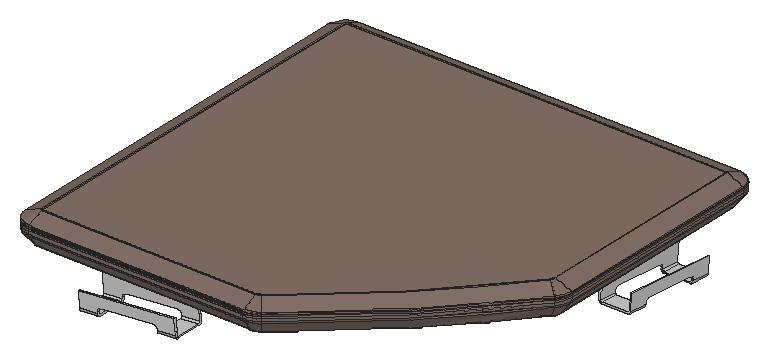
Revit family "Haworth_Atwell_Table_Corner", category Furniture, Revit 2018
Family settings
  OmniClass Number = 23.40.20.00
  OmniClass Title = General Furniture and Specialties
  Work Plane-Based = No
  Always vertical = Yes
  Cut with Voids When Loaded = No
  Shared = No
  Room Calculation Point = No
Parameters (values of type "HE900-AC - 34w")
  Warranty = "https://healthcare.haworth.com/bottom-navigation/product-info/warranty-info"
  Version = "0"  # constant formula
  URL - Product = "https://healthcare.haworth.com/home/seating/seating-tandem/atwell-seating-tandem"
  URL = "http://healthcare.haworth.com/home"
  Type Comments = "Attached Corner Bridge Table"
  Table Finish [instance] = Haworth _ Laminate _ Cafe H-H40
  Sustainability Info = "https://www.haworth.com/na/en/expertise/sustainability.html"
  Size = "Verify Final Dim. w/ Haworth"  # constant formula
  Model = "Haworth Atwell"  # constant formula
  Manufacturer = "Haworth"  # constant formula
  Leg Finish [instance] = Haworth _ Laminate _ Cafe H-H40
  Hardware Finish = Haworth _ Metal _ Brushed Aluminum
  Author = "SHAPE Environments, LLC"  # constant formula
  Assembly Code = "E2020200"
  Actual Width = 2' - 10"  # constant formula
  Actual Height = 1' - 5 1/2"  # constant formula
  Actual Depth = 2' - 10"  # constant formula
Reference planes
  plane 1 "Center Front/Back": y = 0
  plane 2: z = 0
  plane 3 "Center Left/Right": x = 0
  plane 4 "Top": z = 444.5
  plane 5 "Left": x = -431.8
  plane 6 "Right": x = 431.8
  plane 7 "Back": y = 431.8
  plane 8 "Front": y = -431.8
Forms (mm)
  Extrusion 1, solid, material "Haworth _ Laminate _ Cafe H-H40" <- "Table Finish"
    sketch origin (0, 0, 0) x (1, 0, 0) y (0, 1, 0)
      loop
        line (-395.285, 394.674) -> (-395.285, -394.674)
        arc (-395.285, -394.674) -> (-395.105, -395.108) -> (-394.67, -395.288) r 0.615
        line (-394.67, -395.288) -> (51.15, -395.288)
        arc (51.15, -395.288) -> (55.64, -394.537) -> (59.64, -392.365) r 13.789
        arc (59.64, -392.365) -> (236.164, -236.178) -> (392.354, -59.656) r 1931.832
        arc (392.354, -59.656) -> (394.534, -55.649) -> (395.289, -51.149) r 13.797
        line (395.289, -51.149) -> (395.285, 394.674)
        arc (395.285, 394.674) -> (395.105, 395.108) -> (394.67, 395.288) r 0.615
        line (394.67, 395.288) -> (-394.67, 395.288)
        arc (-394.67, 395.288) -> (-395.105, 395.108) -> (-395.285, 394.674) r 0.615
    from 410.577 to 434.975
  Sweep 2, solid, material "Haworth _ Laminate _ Cafe H-H40" <- "Leg Finish"
    path in 3D
      loop
        arc (-394.67, 395.288, 434.975) -> (-395.105, 395.108, 434.975) -> (-395.285, 394.674, 434.975) r 0.615
        line (-395.285, 394.674, 434.975) -> (-395.285, -394.674, 434.975)
        arc (-395.285, -394.674, 434.975) -> (-395.105, -395.108, 434.975) -> (-394.67, -395.288, 434.975) r 0.615
        line (-394.67, -395.288, 434.975) -> (51.15, -395.288, 434.975)
        arc (51.15, -395.288, 434.975) -> (55.64, -394.537, 434.975) -> (59.64, -392.365, 434.975) r 13.789
        arc (59.64, -392.365, 434.975) -> (236.164, -236.178, 434.975) -> (392.354, -59.656, 434.975) r 1931.832
        arc (392.354, -59.656, 434.975) -> (394.534, -55.649, 434.975) -> (395.289, -51.149, 434.975) r 13.797
        line (395.289, -51.149, 434.975) -> (395.289, 394.674, 434.975)
        arc (395.289, 394.674, 434.975) -> (395.105, 395.108, 434.975) -> (394.67, 395.288, 434.975) r 0.615
        line (394.67, 395.288, 434.975) -> (-394.67, 395.288, 434.975)
    profile origin (0, 395.288, 434.975) x (0, -1, 0) y (0, 0, 1)
      loop
        line (0, -20.638) -> (-34.241, -20.638)
        arc (-34.241, -20.638) -> (-35.579, -22.437) -> (-36.097, -24.618) r 5.556
        line (-36.097, -24.618) -> (-36.097, -30.543)
        arc (-36.097, -30.543) -> (-35.582, -32.908) -> (-34.519, -35.083) r 10.099
        line (-34.519, -35.083) -> (-14.323, -60.886)
        arc (-14.323, -60.886) -> (-12.81, -62.176) -> (-10.914, -62.774) r 4.994
        line (-10.914, -62.774) -> (0, -62.774) -> (0, -20.638)
  Sweep 3, solid, material "Haworth _ Laminate _ Cafe H-H40" <- "Table Finish"
    path in 3D
      loop
        arc (-394.67, 395.288, 434.975) -> (-395.105, 395.108, 434.975) -> (-395.285, 394.674, 434.975) r 0.615
        line (-395.285, 394.674, 434.975) -> (-395.285, -394.674, 434.975)
        arc (-395.285, -394.674, 434.975) -> (-395.105, -395.108, 434.975) -> (-394.67, -395.288, 434.975) r 0.615
        line (-394.67, -395.288, 434.975) -> (51.15, -395.288, 434.975)
        arc (51.15, -395.288, 434.975) -> (55.64, -394.537, 434.975) -> (59.64, -392.365, 434.975) r 13.789
        arc (59.64, -392.365, 434.975) -> (236.164, -236.178, 434.975) -> (392.354, -59.656, 434.975) r 1931.832
        arc (392.354, -59.656, 434.975) -> (394.537, -55.642, 434.975) -> (395.289, -51.149, 434.975) r 13.797
        line (395.289, -51.149, 434.975) -> (395.289, 394.674, 434.975)
        arc (395.289, 394.674, 434.975) -> (395.105, 395.108, 434.975) -> (394.67, 395.288, 434.975) r 0.615
        line (394.67, 395.288, 434.975) -> (-394.67, 395.288, 434.975)
    profile origin (0, 395.288, 434.975) x (0, -1, 0) y (0, 0, 1)
      loop
        line (0, -20.638) -> (0, 0)
        arc (0, 0) -> (-1.757, -0.135) -> (-3.482, -0.499) r 13.473
        line (-3.482, -0.499) -> (-35.237, -13.978)
        arc (-35.237, -13.978) -> (-35.952, -14.746) -> (-36.212, -15.763) r 2.122
        line (-36.212, -15.763) -> (-36.212, -18.516)
        arc (-36.212, -18.516) -> (-35.59, -20.016) -> (-34.09, -20.638) r 2.122
        line (-34.09, -20.638) -> (0, -20.638)
  Sweep 4, solid, material "Haworth _ Laminate _ Cafe H-H40" <- "Leg Finish"
    path origin (-164.681, 163.884, -0.192) x (0, 1, 0) y (0, 0, -1)
      loop
        arc (203.607, -353.837) -> (198.228, -366.822) -> (185.243, -372.201) r 18.364
    profile origin (-164.681, 362.112, 366.631) x (0, 0.707107, 0.707107) y (-1, 0, 0)
      loop
        arc (32.423, 266.7) -> (30.058, 266.185) -> (27.883, 265.122) r 10.099
        line (27.883, 265.122) -> (2.08, 244.926)
        arc (2.08, 244.926) -> (0.789, 243.414) -> (0.192, 241.517) r 4.994
        line (0.192, 241.517) -> (0.192, 234.759) -> (32.423, 234.759) -> (32.423, 266.7)
  Sweep 5, solid, material "Haworth _ Laminate _ Cafe H-H40" <- "Leg Finish"
    path origin (-163.88, 164.685, -0.192) x (-1, 0, 0) y (0, 0, 1)
      loop
        arc (203.607, 353.837) -> (198.228, 366.822) -> (185.243, 372.201) r 18.364
    profile origin (-362.108, 164.685, 366.631) x (0.707107, 0, -0.707107) y (0, 1, 0)
      loop
        line (-32.423, 266.7) -> (-32.423, 234.759) -> (-0.192, 234.759) -> (-0.192, 241.517)
        arc (-0.192, 241.517) -> (-0.789, 243.414) -> (-2.08, 244.926) r 4.994
        line (-2.08, 244.926) -> (-27.883, 265.122)
        arc (-27.883, 265.122) -> (-30.058, 266.185) -> (-32.423, 266.7) r 10.099
  Blend 6, solid, material "Haworth _ Laminate _ Cafe H-H40" <- "Leg Finish"
    base sketch origin (-164.929, 164.896, 0) x (1, 0, 0) y (0, 1, 0)
      loop
        arc (-235.591, 263.134) -> (-239.341, 264.668) -> (-243.382, 264.368) r 8.837
        arc (-243.382, 264.368) -> (-256.119, 256.12) -> (-264.366, 243.384) r 36.268
        arc (-264.366, 243.384) -> (-264.667, 239.343) -> (-263.132, 235.593) r 8.837
        line (-263.132, 235.593) -> (-244.426, 212.493)
        arc (-244.426, 212.493) -> (-239.879, 209.815) -> (-234.691, 210.777) r 7.534
        line (-234.691, 210.777) -> (-210.775, 234.693)
        arc (-210.775, 234.693) -> (-209.813, 239.881) -> (-212.491, 244.428) r 7.534
        line (-212.491, 244.428) -> (-235.591, 263.134)
    top sketch origin (-164.929, 164.896, 0) x (1, 0, 0) y (0, 1, 0)
      loop
        arc (-234.859, 266.477) -> (-256.057, 256.182) -> (-266.454, 235.035) r 36.268
        arc (-266.454, 235.035) -> (-265.94, 232.661) -> (-264.874, 230.478) r 10.099
        line (-264.874, 230.478) -> (-244.678, 204.675)
        arc (-244.678, 204.675) -> (-243.166, 203.384) -> (-241.269, 202.786) r 4.994
        line (-241.269, 202.786) -> (-234.511, 202.786) -> (-202.749, 234.548) -> (-202.749, 241.306)
        arc (-202.749, 241.306) -> (-203.347, 243.203) -> (-204.638, 244.716) r 4.994
        line (-204.638, 244.716) -> (-230.441, 264.911)
        arc (-230.441, 264.911) -> (-232.558, 265.954) -> (-234.859, 266.477) r 10.099
    from 0 to 353.645
  Extrusion 7, solid, material "Haworth _ Laminate _ Cafe H-H40" <- "Leg Finish"
    sketch origin (-164.892, 164.933, 353.645) x (0, -1, 0) y (1, 0, 0)
      loop
        line (-234.98, -266.462) -> (-234.98, -235.018) -> (-266.456, -235.018)
        arc (-266.456, -235.018) -> (-256.106, -256.133) -> (-234.98, -266.462) r 36.268
    from 0 to 50.786
  Extrusion 8, solid, material "Haworth _ Laminate _ Cafe H-H40" <- "Leg Finish"
    sketch origin (-164.681, 164.685, 295.407) x (0, 1, 0) y (0, 0, -1)
      loop
        line (184.442, -109.025) -> (235.228, -109.025) -> (235.228, -58.238)
        arc (235.228, -58.238) -> (220.353, -94.15) -> (184.442, -109.025) r 50.786
    from 235.228 to 266.7
  Extrusion 9, solid, material "Haworth _ Laminate _ Cafe H-H40" <- "Leg Finish"
    sketch origin (-164.681, 164.685, 0) x (-1, 0, 0) y (0, 0, 1)
      loop
        arc (184.442, 404.432) -> (220.353, 389.557) -> (235.228, 353.645) r 50.786
        line (235.228, 353.645) -> (235.228, 404.432) -> (184.442, 404.432)
    from 235.228 to 266.7
Cuts and joins
  joined: Sweep 4, Extrusion 8
  joined: Sweep 5, Extrusion 9
Lines and regions (mm)
  Masking region 1
    outline origin (0, 0, 434.975) x (-1, 0, 0) y (0, -1, 0)
      loop
        arc (394.67, -431.385) -> (420.629, -420.633) -> (431.381, -394.674) r 36.712
        line (431.381, -394.674) -> (431.381, 394.674)
        arc (431.381, 394.674) -> (420.629, 420.633) -> (394.67, 431.385) r 36.712
        line (394.67, 431.385) -> (264.365, 431.385) -> (264.365, 458.519) -> (267.165, 458.519) -> (267.165, 462.194) -> (63.965, 462.194) -> (63.965, 458.519) -> (67.688, 458.519) -> (67.688, 431.385) -> (-51.15, 431.385)
        arc (-51.15, 431.385) -> (-67.393, 428.667) -> (-81.866, 420.807) r 49.886
        arc (-81.866, 420.807) -> (-261.694, 261.697) -> (-420.806, 81.87) r 1967.929
        arc (-420.806, 81.87) -> (-428.666, 67.395) -> (-431.385, 51.149) r 49.894
        line (-431.385, 51.149) -> (-431.385, -67.688) -> (-458.519, -67.688) -> (-458.519, -63.965) -> (-462.194, -63.965) -> (-462.194, -267.165) -> (-458.519, -267.165) -> (-458.519, -264.365) -> (-431.385, -264.365) -> (-431.385, -394.674)
        arc (-431.385, -394.674) -> (-420.629, -420.633) -> (-394.67, -431.385) r 36.712
        line (-394.67, -431.385) -> (394.67, -431.385)
      loop
        line (226.463, 431.385) -> (226.463, 458.519) -> (101.906, 458.519) -> (101.906, 431.385) -> (226.463, 431.385)
      loop
        line (-431.385, -226.463) -> (-431.385, -101.906) -> (-458.519, -101.906) -> (-458.519, -226.463) -> (-431.385, -226.463)
  sketch lines
    curve 1: line (394.67, 395.288, 434.975) -> (-394.67, 395.288, 434.975)
    curve 2: arc (-395.285, 394.674, 434.975) -> (-395.105, 395.108, 434.975) -> (-394.67, 395.288, 434.975) r 0.615
    curve 3: line (-395.285, 394.674, 434.975) -> (-395.285, -394.674, 434.975)
    curve 4: arc (-394.67, -395.288, 434.975) -> (-395.105, -395.108, 434.975) -> (-395.285, -394.674, 434.975) r 0.615
    curve 5: line (-394.67, -395.288, 434.975) -> (51.15, -395.288, 434.975)
    curve 6: arc (59.64, -392.365, 434.975) -> (55.64, -394.537, 434.975) -> (51.15, -395.288, 434.975) r 13.789
    curve 7: arc (392.354, -59.656, 434.975) -> (236.164, -236.178, 434.975) -> (59.64, -392.365, 434.975) r 1931.832
    curve 8: arc (395.289, -51.149, 434.975) -> (394.534, -55.649, 434.975) -> (392.354, -59.656, 434.975) r 13.797
    curve 9: line (395.289, -51.149, 434.975) -> (395.289, 394.674, 434.975)
    curve 10: arc (394.67, 395.288, 434.975) -> (395.105, 395.108, 434.975) -> (395.285, 394.674, 434.975) r 0.615
    curve 11: line (394.67, 395.288, 434.975) -> (-394.67, 395.288, 434.975)
    curve 12: arc (-395.285, 394.674, 434.975) -> (-395.105, 395.108, 434.975) -> (-394.67, 395.288, 434.975) r 0.615
    curve 13: line (-395.285, 394.674, 434.975) -> (-395.285, -394.674, 434.975)
    curve 14: arc (-394.67, -395.288, 434.975) -> (-395.105, -395.108, 434.975) -> (-395.285, -394.674, 434.975) r 0.615
    curve 15: line (-394.67, -395.288, 434.975) -> (51.15, -395.288, 434.975)
    curve 16: arc (59.64, -392.365, 434.975) -> (55.64, -394.537, 434.975) -> (51.15, -395.288, 434.975) r 13.789
    curve 17: arc (392.354, -59.656, 434.975) -> (236.164, -236.178, 434.975) -> (59.64, -392.365, 434.975) r 1931.832
    curve 18: arc (395.289, -51.149, 434.975) -> (394.537, -55.642, 434.975) -> (392.363, -59.644, 434.975) r 13.797
    curve 19: line (395.289, -51.149, 434.975) -> (395.289, 394.674, 434.975)
    curve 20: arc (394.67, 395.288, 434.975) -> (395.105, 395.108, 434.975) -> (395.285, 394.674, 434.975) r 0.615
  symbolic lines, style "Haworth"
    curve 21: line (-264.365, -431.385, 434.975) -> (-226.463, -431.385, 434.975)
    curve 22: line (-101.906, -431.385, 434.975) -> (-67.688, -431.385, 434.975)
    curve 23: line (431.385, 264.365, 434.975) -> (431.385, 226.265, 434.975)
    curve 24: line (431.385, 101.906, 434.975) -> (431.385, 66.477, 434.975)
Dimensions and locks
  "Actual Height": plane 4 "Top" to plane 2
  equal spacing: plane 7 "Back", plane 1 "Center Front/Back", plane 8 "Front"
  equal spacing: plane 5 "Left", plane 3 "Center Left/Right", plane 6 "Right"
  "Actual Width": plane 5 "Left" to plane 6 "Right"
  "Actual Depth": plane 8 "Front" to plane 7 "Back"
  aligned and locked: level to plane 2
Automatic sketch dimensions
  Extrusion 1 sketch curve to Extrusion 1 sketch curve = 0' - 0.02421"  (x2)
  plane 3 "Center Left/Right" to Extrusion 1 sketch curve = 0' - 2.01378"
  Extrusion 1 sketch curve to Extrusion 1 sketch curve = 0' - 0.54318"
  Extrusion 1 sketch curve to Extrusion 1 sketch curve = 0' - 0.54289"
  plane 1 "Center Front/Back" to Extrusion 1 sketch curve = 0' - 2.01375"
  Extrusion 1 sketch curve to Extrusion 1 sketch curve = 0' - 0"  (x2)
  Sweep 2 sketch curve to profile plane = 0' - 0"
  profile plane to Sweep 2 sketch curve = 0' - 0.40908"
  Sweep 2 sketch curve to Sweep 2 sketch curve = 0' - 0.02061"
  Sweep 2 sketch curve to Sweep 2 sketch curve = 0' - 0.13422"
  profile plane to Sweep 2 sketch curve = 0' - 1.02529"
  Sweep 2 sketch curve to Sweep 2 sketch curve = 0' - 0.17722"
  Sweep 2 sketch curve to Sweep 2 sketch curve = 0' - 0.14555"
  Sweep 2 sketch curve to Sweep 2 sketch curve = 0' - 0.33371"
  Sweep 2 sketch curve to Sweep 2 sketch curve = 0' - 0.07308"
  Sweep 2 sketch curve to profile plane = 0' - 2.47143"
  Sweep 2 sketch curve to Sweep 2 sketch curve = 0' - 0.07435"
  Sweep 2 sketch curve to Sweep 2 sketch curve = 0' - 1.01587"
  Sweep 2 sketch curve to Sweep 2 sketch curve = 0' - 0.17873"
  Sweep 2 sketch curve to Sweep 2 sketch curve = 0' - 0.18924"
  Sweep 2 sketch curve to Sweep 2 sketch curve = 0' - 0.00655"
  Sweep 3 sketch curve to profile plane = 0' - 0"  (x2)
  Sweep 3 sketch curve to profile plane = 0' - 0.01963"
  profile plane to Sweep 3 sketch curve = 0' - 0.13708"
  profile plane to Sweep 3 sketch curve = 0' - 1.34211"
  Sweep 3 sketch curve to Sweep 3 sketch curve = 0' - 0"
  Sweep 3 sketch curve to profile plane = 0' - 0.55031"
  Sweep 3 sketch curve to Sweep 3 sketch curve = 0' - 0.04519"
  Sweep 3 sketch curve to Sweep 3 sketch curve = 0' - 0.03836"
  Sweep 3 sketch curve to profile plane = 0' - 0.00599"
  Sweep 3 sketch curve to Sweep 3 sketch curve = 0' - 0.10838"
  level to Sweep 4 sketch curve = 1' - 1.92305"
  Sweep 4 sketch curve to Sweep 4 sketch curve = 0' - 0.72298"
  Sweep 4 sketch curve to profile plane = 0' - 0.00754"
  Sweep 4 sketch curve to profile plane = 0' - 0.08189"
  Sweep 4 sketch curve to Sweep 4 sketch curve = 0' - 0.19553"
  Sweep 4 sketch curve to profile plane = 0' - 1.09776"
  Sweep 4 sketch curve to Sweep 4 sketch curve = 0' - 0.17873"
  Sweep 4 sketch curve to Sweep 4 sketch curve = 0' - 0.03745"
  profile plane to Sweep 4 sketch curve = 0' - 9.24249"
  Sweep 4 sketch curve to Sweep 4 sketch curve = 0' - 0.24546"
  Sweep 4 sketch curve to Sweep 4 sketch curve = 0' - 0.02061"
  Sweep 4 sketch curve to Sweep 4 sketch curve = 0' - 0.86167"
  Sweep 4 sketch curve to Sweep 4 sketch curve = 0' - 0.33371"
  level to Sweep 5 sketch curve = 1' - 1.92305"
  Sweep 5 sketch curve to Sweep 5 sketch curve = 0' - 0.72298"
  profile plane to Sweep 5 sketch curve = 0' - 1.31394"
  Sweep 5 sketch curve to Sweep 5 sketch curve = 0' - 0.03745"
  Sweep 5 sketch curve to Sweep 5 sketch curve = 0' - 0.17873"
  profile plane to Sweep 5 sketch curve = 0' - 0.20307"
  profile plane to Sweep 5 sketch curve = 0' - 0.08189"
  profile plane to Sweep 5 sketch curve = 0' - 0.00754"
  profile plane to Sweep 5 sketch curve = 0' - 9.24249"
  Sweep 5 sketch curve to Sweep 5 sketch curve = 0' - 0.24546"
  Sweep 5 sketch curve to Sweep 5 sketch curve = 0' - 0.02061"
  Sweep 5 sketch curve to Sweep 5 sketch curve = 0' - 0.86167"
  Sweep 5 sketch curve to Sweep 5 sketch curve = 0' - 0.33371"
  Blend 6 sketch curve to Blend 6 sketch curve = 0' - 0.28321"  (x2)
  Blend 6 sketch curve to Blend 6 sketch curve = 0' - 0.59901"  (x2)
  Blend 6 sketch curve to Blend 6 sketch curve = 0' - 0.23051"
  Blend 6 sketch curve to Blend 6 sketch curve = 0' - 0.20207"  (x2)
  Blend 6 sketch curve to Blend 6 sketch curve = 0' - 0.15277"  (x2)
  Blend 6 sketch curve to Blend 6 sketch curve = 0' - 0.31883"  (x2)
  Blend 6 sketch curve to Blend 6 sketch curve = 0' - 0.52127"  (x2)
  Blend 6 sketch curve to Blend 6 sketch curve = 0' - 0.18667"  (x2)
  Blend 6 sketch curve to Blend 6 sketch curve = 0' - 0.25425"
  Blend 6 sketch curve to Blend 6 sketch curve = 0' - 0.90945"
  Blend 6 sketch curve to Blend 6 sketch curve = 0' - 0.13422"  (x2)
  Blend 6 sketch curve to Blend 6 sketch curve = 0' - 0.02061"
  Blend 6 sketch curve to Blend 6 sketch curve = 0' - 0.80574"
  Blend 6 sketch curve to Blend 6 sketch curve = 0' - 0.26606"  (x2)
  Blend 6 sketch curve to Blend 6 sketch curve = 0' - 0.40445"
  Blend 6 sketch curve to Blend 6 sketch curve = 0' - 0.21618"  (x2)
  Blend 6 sketch curve to Blend 6 sketch curve = 0' - 0.89595"
  Blend 6 sketch curve to Blend 6 sketch curve = 0' - 0.12118"  (x2)
  Blend 6 sketch curve to Blend 6 sketch curve = 0' - 0.19553"
  Blend 6 sketch curve to Blend 6 sketch curve = 0' - 0.40584"
  Blend 6 sketch curve to Blend 6 sketch curve = 0' - 0.89456"
  Extrusion 7 sketch curve to Blend 6 = 0' - 2.50813"
  Extrusion 7 sketch curve to Extrusion 7 sketch curve = 0' - 1.23918"
  Extrusion 7 sketch curve to Extrusion 7 sketch curve = 0' - 0.17746"
  Extrusion 7 sketch curve to Blend 6 = 0' - 2.50691"
  Extrusion 7 sketch curve to Extrusion 7 sketch curve = 0' - 1.23796"
  Extrusion 8 sketch curve to plane 4 "Top" = 0' - 1.57748"
  Extrusion 8 sketch curve to Extrusion 8 sketch curve = 0' - 1.99947"  (x2)
  Extrusion 8 sketch curve to Extrusion 8 sketch curve = 0' - 0"  (x3)
  level to Extrusion 9 sketch curve = 1' - 1.92305"
  Extrusion 9 sketch curve to Extrusion 9 sketch curve = 0' - 1.99947"  (x2)
  Extrusion 9 sketch curve to Extrusion 9 sketch curve = 0' - 0"  (x3)
  Masking region 1 sketch curve to Masking region 1 sketch curve = 0' - 0.14467"  (x4)
  Masking region 1 sketch curve to Masking region 1 sketch curve = 0' - 1.4455"
  plane 3 "Center Left/Right" to Masking region 1 sketch curve = 0' - 2.01378"
  Masking region 1 sketch curve to plane 3 "Center Left/Right" = 0' - 2.5183"
  Masking region 1 sketch curve to Masking region 1 sketch curve = 0' - 0.14659"  (x2)
  Masking region 1 sketch curve to Masking region 1 sketch curve = 0' - 1.34718"  (x2)
  Masking region 1 sketch curve to Masking region 1 sketch curve = 0' - 4.90382"  (x2)
  Masking region 1 sketch curve to Masking region 1 sketch curve = 0' - 1 63/128"  (x2)
  Masking region 1 sketch curve to Masking region 1 sketch curve = 0' - 0.11022"  (x2)
  Masking region 1 sketch curve to Masking region 1 sketch curve = 0' - 1.44534"  (x2)
  Masking region 1 sketch curve to Masking region 1 sketch curve = 0' - 5.02003"
  Masking region 1 sketch curve to plane 1 "Center Front/Back" = 0' - 4.01206"
  plane 1 "Center Front/Back" to Masking region 1 sketch curve = 0' - 2.01375"
  Masking region 1 sketch curve to Masking region 1 sketch curve = 0' - 0"  (x5)
  curve 22 to plane 3 "Center Left/Right" = 0' - 2.66489"
  curve 22 to curve 22 = 0' - 1.34718"
  curve 22 to curve 21 = 0' - 4.90382"
  curve 21 to curve 21 = 0' - 1 63/128"
  curve 24 to plane 1 "Center Front/Back" = 0' - 2 79/128"
  curve 24 to curve 24 = 0' - 1.39486"
  curve 23 to curve 24 = 0' - 4.89601"
  curve 23 to curve 23 = 0' - 1 1/2"
  Extrusion 1 sketch curve to plane 1 "Center Front/Back" = 1' - 3.53833"  (x2)
  Extrusion 1 sketch curve to Extrusion 1 sketch curve = 2' - 4.91954"
  Sweep 4 sketch curve to plane 1 "Center Front/Back" = 1' - 1.74516"
  Blend 6 sketch curve to plane 1 "Center Front/Back" = 1' - 2.79026"
  Blend 6 sketch curve to plane 1 "Center Front/Back" = 1' - 2.47569"
  Blend 6 sketch curve to Blend 6 sketch curve = 0' - 1.01587"
  Blend 6 sketch curve to Blend 6 sketch curve = 0' - 1.02205"
  Blend 6 sketch curve to Blend 6 sketch curve = 0' - 0.33371"  (x2)
  Extrusion 8 sketch curve to plane 1 "Center Front/Back" = 1' - 1.74516"
  Masking region 1 sketch curve to Masking region 1 sketch curve = 2' - 3.49841"
  plane 1 "Center Front/Back" to Extrusion 1 sketch curve = 1' - 3.01965"
  plane 1 "Center Front/Back" to Masking region 1 sketch curve = 1' - 3.01965"
  plane 1 "Center Front/Back" to Masking region 1 sketch curve = 1' - 3.53833"
  Masking region 1 sketch curve to Masking region 1 sketch curve = 0' - 1.96402"
  Masking region 1 sketch curve to Masking region 1 sketch curve = 0' - 1.06828"  (x3)
  plane 1 "Center Front/Back" to curve 22 = 1' - 4.98367"
  curve 21 to curve 22 = 0' - 0"
  Extrusion 1 sketch curve to plane 3 "Center Left/Right" = 1' - 3.53818"
  Extrusion 1 sketch curve to Extrusion 1 sketch curve = 2' - 4.94358"
  Sweep 5 sketch curve to plane 3 "Center Left/Right" = 1' - 1.745"
  Blend 6 sketch curve to plane 3 "Center Left/Right" = 1' - 4.8528"
  Blend 6 sketch curve to Blend 6 sketch curve = 0' - 0.73646"
  Blend 6 sketch curve to Blend 6 sketch curve = 0' - 0.04858"
  Blend 6 sketch curve to plane 3 "Center Left/Right" = 1' - 4.92136"
  Blend 6 sketch curve to Blend 6 sketch curve = 0' - 0.79509"
  Blend 6 sketch curve to Blend 6 sketch curve = 0' - 0.0622"
  Extrusion 9 sketch curve to plane 3 "Center Left/Right" = 1' - 1.745"
  Masking region 1 sketch curve to Masking region 1 sketch curve = 0' - 5.1301"
  Masking region 1 sketch curve to plane 3 "Center Left/Right" = 1' - 3.53818"
  Masking region 1 sketch curve to Masking region 1 sketch curve = 2' - 4.94358"
  plane 3 "Center Left/Right" to Extrusion 1 sketch curve = 1' - 3.01937"
  Extrusion 1 sketch curve to Extrusion 1 sketch curve = 0' - 0.02437"
  plane 3 "Center Left/Right" to Masking region 1 sketch curve = 1' - 3.01937"
  plane 3 "Center Left/Right" to Masking region 1 sketch curve = 1' - 3.53818"
  Masking region 1 sketch curve to Masking region 1 sketch curve = 0' - 1.06827"
  plane 3 "Center Left/Right" to curve 24 = 1' - 4.98367"
  curve 23 to curve 24 = 0' - 0"
Nested families
  nested 1: "Atwell_Ganging bracket" at (428.488, 165.281, 0) x (0, -1, 0) z (0, 0, 1), type "Atwell_Ganging bracket"
  nested 2: "Atwell_Ganging bracket" at (-165.281, -428.488, 0), type "Atwell_Ganging bracket"
Definition of nested family "Atwell_Ganging bracket"
  Parameters (values of type "Atwell_Ganging bracket")
    Warranty = "http://haworthcollection.com/hc/about-us/certifications-warranties"
    Version = "1"  # constant formula
    URL Product = ""
    URL = "http://haworthcollection.com/"
    Sustainability Info = "http://www.haworth.com/bottom-nav/company-info/sustainability"
    Size = "Verify Final Dim. w/ Haworth"  # constant formula
    Manufacturer = "Haworth"  # constant formula
    Hardware Finish = none
    Author = "SHAPE Environments, LLC"  # constant formula
    Assembly Code = "E2020200"
  Reference planes
    plane 1 "Center Front/Back": y = 0
    plane 2: z = 0
    plane 3 "Center Left/Right": x = 0
    plane 4 "Bracket top": z = 340.823
  Forms (mm)
    Extrusion 1, solid, material <- "Hardware Finish"
      sketch origin (229.455, 587.199, 10.126) x (0, -1, 0) y (-0.088784, 0, 0.996051)
        loop
          line (553.799, 424.531) -> (553.799, 343.996)
          arc (553.799, 343.996) -> (555.6, 339.647) -> (559.948, 337.846) r 6.149
          line (559.948, 337.846) -> (614.419, 337.846)
          arc (614.419, 337.846) -> (618.767, 339.647) -> (620.568, 343.996) r 6.149
          line (620.568, 343.996) -> (620.568, 375.767) -> (617.592, 375.767) -> (617.592, 343.996)
          arc (617.592, 343.996) -> (616.662, 341.752) -> (614.419, 340.823) r 3.173
          line (614.419, 340.823) -> (559.948, 340.823)
          arc (559.948, 340.823) -> (557.705, 341.752) -> (556.776, 343.996) r 3.173
          line (556.776, 343.996) -> (556.776, 424.531) -> (553.799, 424.531)
      from 98.888 to 299.042
    Extrusion 2, void
      sketch origin (0, 0, 0) x (1, 0, 0) y (0, 0, 1)
        loop
          line (-99.482, 406.273) -> (89.509, 406.273)
          arc (89.509, 406.273) -> (93.666, 404.551) -> (95.387, 400.395) r 5.878
          line (95.387, 400.395) -> (100.379, 400.395) -> (100.379, 427.554) -> (-111.522, 427.554) -> (-111.522, 393.409) -> (-104.937, 393.409) -> (-105.544, 400.211)
          arc (-105.544, 400.211) -> (-103.768, 404.498) -> (-99.482, 406.273) r 6.061
        loop
          line (-60.345, 321.443) -> (63.855, 332.514) -> (62.833, 343.981)
          arc (62.833, 343.981) -> (59.243, 349.116) -> (53.19, 350.732) r 9.138
          line (53.19, 350.732) -> (-52.795, 341.285)
          arc (-52.795, 341.285) -> (-58.845, 338.779) -> (-61.351, 332.729) r 8.556
          line (-61.351, 332.729) -> (-60.345, 321.443)
      from -78.907 to 44.685
  Cuts and joins
    Extrusion 2 cuts Extrusion 1
  Dimensions and locks
    aligned and locked: level to plane 2
